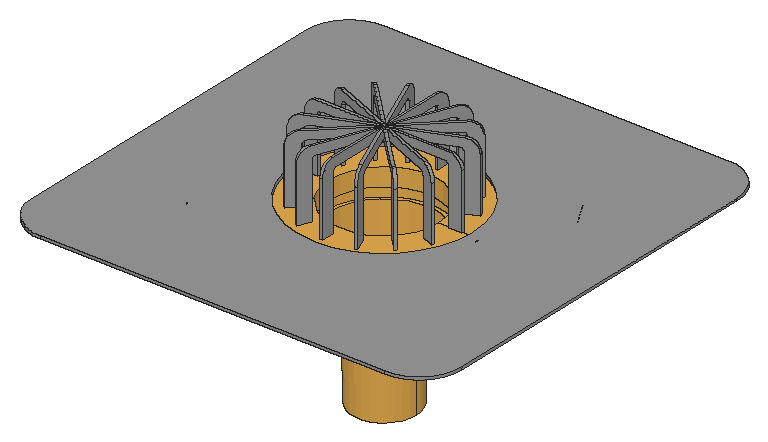
Revit family "TOPWET_Střešní vpust TW(E) 75 S", category Instalační zařizovací předměty, Revit 2016
Family settings
  Typ součásti = Normální
  Kóta kulaté spojky = Použít průměr
  Číslo OmniClass = 23.70.50.21.24
  Nadpis OmniClass = Waste Water Drains
  Založené na pracovní rovině = Ano
  Vždy vertikální = Ano
  Ořezat dutým tvarem při načtení = Ne
  Sdílené = Ne
  Bod výpočtu místnosti = Ne
Parameters (values of type "TW 75 BIT S svislé provedení, manžeta z asfaltového pásu")
  Šachta pro zelené střechy 400x400 [instance] = no
  Šachta pro zelené střechy 300x300 [instance] = no
  Šachta pro zelené střechy_výška [instance] = 500 mm
  ZUM [instance] = if(Nástavec střešní vpusti TWN, VN - 36 mm, 29.2 mm)  # 29.2 mm
  Vodní zápachová uzávěrka [instance] = no
  VZU [instance] = if(Nástavec střešní vpusti TWN, VN + 36.3 mm, 101 mm)  # 101 mm
  VZ [instance] = if(Nástavec střešní vpusti TWN, VN + 48 mm, 110 mm)  # 110 mm
  VTN [instance] = if(Nástavec střešní vpusti TWN, VN - 3 mm, 62.7 mm)  # 62.7 mm
  VS [instance] = if(Nástavec střešní vpusti TWN, VN + 47.3 mm, 113 mm)  # 113 mm
  VPK [instance] = if(Nástavec střešní vpusti TWN, VN - 57.5 mm, 8.5 mm)  # 8.5 mm
  VOK [instance] = if(Nástavec střešní vpusti TWN, VN - 18 mm, 47.7 mm)  # 47.7 mm
  Typ nástavce střešní vpusti TWN [instance] = Nástavec střešní vpusti TWN : TWN BIT
  Terasový nástavec TW TER_výška [instance] = 150 mm
  Terasový nástavec TW TER [instance] = no
  TNP [instance] = if(Nástavec střešní vpusti TWN, if(Perforovaný terasový nástavec TW TER P_Odvodňovací kroužky, VN + 40.3 mm + NOK, VN + 40.3 mm), if(Perforovaný terasový nástavec TW TER P_Odvodňovací kroužky, 107 mm + NOK, 107 mm))  # 107 mm
  TERC [instance] = and(Odvodňovací kroužek TW ODK_k nástavci TW TER P > 1, Perforovaný terasový nástavec TW TER P_Odvodňovací kroužky)  # no
  SZS [instance] = if(Nástavec střešní vpusti TWN, VN - 61.7 mm, 3 mm)  # 3 mm
  Plochý ochranný koš TW PLK [instance] = no
  Perforovaný terasový nástavec TW TER P_výška [instance] = 220 mm
  Odvodňovací kroužek TW ODK_k nástavci TW TER P [instance] = 1
  Perforovaný terasový nástavec TW TER P [instance] = no
  POK [instance] = if(Nástavec střešní vpusti TWN, VN - 65.7 mm, 0 mm)  # 0 mm
  TER [instance] = if(Odvodňovací kroužek TW ODK_k nástavci TW TER P < 2, 2, Odvodňovací kroužek TW ODK_k nástavci TW TER P)  # 2
  Perforovaný terasový nástavec TW TER P_Odvodňovací kroužky [instance] = Perforovaný terasový nástavec TW TER P  # no
  OKB [instance] = and(Odvodňovací kroužek TW ODK_k nástavci TW TER P = 1, Perforovaný terasový nástavec TW TER P_Odvodňovací kroužky)  # no
  Nástavec střešní vpusti TWN_výška [instance] = 300 mm
  Výrobce = "TOPWET"  # constant formula
  Default Elevation = 0 mm
  VN [instance] = Nástavec střešní vpusti TWN_výška + 68.7 mm  # 368.7 mm
  VK [instance] = if(Nástavec střešní vpusti TWN, VN - 61.7 mm, 0 mm)  # 0 mm
  URL = "http://www.topwet.cz/produkty/10-svisla-stresni-vpust-s-integrovanou-bitumenovou-manzetou"
  Typ obrázku = TW 75 BIT S.jpg
  T = 1
  Připojení odpadu = yes
  Perforovaný ochranný koš TWOK_počet nástavců [instance] = 3
  Popis = "Vpusť"
  Perforovaný ochranný koš TWOK [instance] = no
  PRŮTOK = 5.7 L/s  # constant formula
  Ochranný koš [instance] = and(not(Perforovaný ochranný koš TWOK), not(Terasový nástavec TW TER), not(Perforovaný terasový nástavec TW TER P), not(Plochý ochranný koš TW PLK))  # yes
  OBJEDNACÍ KÓD [instance] = if(T = 1, if(Elektrické vyhřívání_Vpusť, "TWE 75 BIT S", "TW 75 BIT S"), if(T = 2, if(Elektrické vyhřívání_Vpusť, "TWE 75 PVC S", "TW 75 PVC S"), if(T = 3, if(Elektrické vyhřívání_Vpusť, "TWE 75 ___ S", "TW 75 ___ S"), "NEDEFINOVÁNO")))  # "TW 75 BIT S"
  Nástavec střešní vpusti TWN [instance] = no
  NOK [instance] = if(Perforovaný terasový nástavec TW TER P_Odvodňovací kroužky, Odvodňovací kroužek TW ODK_k nástavci TW TER P * 33 mm, 0 mm)  # 0 mm
  Model = "viz OBJEDNACÍ KÓD"
  Mechanická zápachová uzávěrka [instance] = no
  MZK [instance] = if(Nástavec střešní vpusti TWN, VN - 26 mm, 39 mm)  # 39 mm
  Límec_Materiál = Plast - černý
  Komentáře k typům = "Střešní vpust TOPWET s integrovanou manžetou z modifikovaného asfaltového pásu, svislé provedení, tepelně izolovaná - dvojstěnná s ochranným košem"
  Klíčová poznámka = "TW 75 ___ S"
  JMENOVITÝ PRŮMĚR = 75 mm  # constant formula
  Elektrické vyhřívání_Vpusť = no
  Cena = 0
  COPYRIGHT = "©TOPWET"  # constant formula
Reference planes
  plane 1 "Střed (vpředu/vzadu)": y = 0
  plane 2 "Vkládací rovina": z = 0
  plane 3 "Střed (vlevo/vpravo)": x = 0
  plane 4 "Rovina osazení spodní hrany terasového nástavce TW TER P": z = -12
  plane 5 "Rovina osazení spodní hrany zápachové uzávěry": z = -121.954
  plane 6 "Rovina osazení spodní hrany vpusti TWN": z = -62.654
  plane 7 "Rovina osazení horní hrany mechanické zápachové klapky": z = -23.485
  plane 8: z = -210
  plane 9: z = -14.954
  plane 10 "pomocná rovina": through (4267.2, 0.017, -62.631) normal (0, 0.454, 0.891)
  plane 11: z = 0.046
  plane 12: z = -33.454
Forms (mm)
  Revolve 1, solid, material "Plast - hnědý", detail levels medium+fine
    sketch origin (0, 0, 0) x (1, 0, 0) y (0, 0, 1)
      loop
        line (-64, -21) -> (-64, 0) -> (-181, 0) -> (-181, -3) -> (-108.601, -3) -> (-90.057, -18.735)
        arc (-90.057, -18.735) -> (-84.031, -22.252) -> (-77.163, -23.485) r 20
        line (-77.163, -23.485) -> (-73.768, -119.743)
        arc (-73.768, -119.743) -> (-71.849, -125.841) -> (-67.072, -130.088) r 12
        line (-67.072, -130.088) -> (-38.293, -144.244) -> (-37.448, -210) -> (-33.462, -210) -> (-35.463, -131) -> (-61.5, -111) -> (-63.5, -33.485) -> (-68.499, -33.485) -> (-68.499, -21) -> (-64, -21)
      axis (0, -210) -> (0, 0)
    angle from 0 to 360
  Extrusion 2, solid, material "Plast - černý" <- "Límec_Materiál", detail levels medium+fine
    sketch origin (0, 0, 0) x (1, 0, 0) y (0, 1, 0)
      loop
        arc (-200, 250) -> (-235.355, 235.355) -> (-250, 200) r 50
        line (-250, 200) -> (-250, -200)
        arc (-250, -200) -> (-235.355, -235.355) -> (-200, -250) r 50
        line (-200, -250) -> (200, -250)
        arc (200, -250) -> (235.355, -235.355) -> (250, -200) r 50
        line (250, -200) -> (250, 200)
        arc (250, 200) -> (235.355, 235.355) -> (200, 250) r 50
        line (200, 250) -> (-200, 250)
      loop
        circle (0, 0) r 102.863
    from 0 to 3
  Sweep 3, solid, visible <- "Elektrické vyhřívání_Vpusť", detail levels medium+fine
    path origin (-35.053, 0, -44.762) x (-0.891007, 0, 0.45399) y (0, -1, 0)
      loop
        arc (-40.205, 73.652) -> (-137.53, 202.282) -> (-280, 126.651) r 124.374
        arc (-280, 126.651) -> (-280.843, -30.817) -> (-174.85, -147.275) r 216.685
    profile origin (87.487, -202.282, -107.199) x (0.192289, 0.976435, -0.097976) y (0.45399, 0, 0.891007)
      loop
        circle (0, 0) r 4
Lines and regions (mm)
  model lines, detail levels coarse+medium
    curve 1: line (0, 0, -100) -> (100, 0, 0)
    curve 2: line (0, 0, -100) -> (-100, 0, 0)
    curve 3: line (0, 0, -100) -> (0, 0, -210)
  symbolic lines, detail levels coarse+medium
    curve 4: line (0, 0, -97) -> (0, -100, 3)
    curve 5: line (0, 0, -97) -> (0, 100, 3)
    curve 6: line (0, 0, -97) -> (0, 0, -210)
    curve 7: circle (0, 0, 0) r 180 normal (0, 0, 1)
    curve 8: line (0, -181, 0) -> (0, 181, 0)
  symbolic lines, not visible, detail levels coarse+medium
    curve 9: circle (554.665, 348.517, 0) r 180 normal (0, 0, 1)
    curve 10: line (554.665, 167.517, 0) -> (554.665, 529.517, 0)
  model lines, not visible
    curve 11: line (0, 0, -33.5) -> (0, 0, -76)
Text (mm)
  text "Pro vkládní volitelných komponent použijte Konstrukční pohled" at (0, -25.874, 126.206), in view "Levý"
  text "Pro vkládní volitelných komponent použijte Konstrukční pohled" at (0, 24.971, 129.933), in view "Pravý"
  text "Pro vkládní volitelných komponent použijte Konstrukční pohled" at (-25.479, 0, 126.207), in view "Zadní"
  text "Rovina osazení spodní hrany zápachové uzávěry" at (115.374, 0, -123.298), in view "Konstrukční pohled"
  text "Rovina osazení spodní hrany terasového nástavce TW TER P" at (115.374, 0, -12.728), in view "Konstrukční pohled"
  text "Rovina osazení spodní hrany nástavce TWN" at (115.374, 0, -63.998), in view "Konstrukční pohled"
  text "Rovina osazení horní hrany mechanické zápachové klapky" at (115.374, 0, -24.213), in view "Konstrukční pohled"
Dimensions and locks
  "VN": nested 2 to plane 6 "Rovina osazení spodní hrany vpusti TWN"
  "VK": nested 1 to plane 2 "Vkládací rovina"
  "VPK": nested 3 to plane 7 "Rovina osazení horní hrany mechanické zápachové klapky"
  "TNP": nested 5 to plane 5 "Rovina osazení spodní hrany zápachové uzávěry"
  "POK": nested 6 to Extrusion 2
  "SZS": nested 7 to plane 2 "Vkládací rovina"
  "VZU": nested 10 to plane 5 "Rovina osazení spodní hrany zápachové uzávěry"
  "VZ": curve 3 to curve 3
  locked: curve 1 to curve 3 at 141.421
  locked: curve 3 to curve 2 at 141.421
  locked: nested 2 to curve 2 at 100
  locked: curve 1 to nested 2 at 100
  "SZS": nested 8 to plane 2 "Vkládací rovina"
  group 3 to group 4 = 0 mm  (x2)
  group 3 to group 4 = 33 mm
  "VOK": plane 9 to plane 6 "Rovina osazení spodní hrany vpusti TWN"
  locked: nested 12 to plane 9 at 33
  "VTN": plane 11 to plane 6 "Rovina osazení spodní hrany vpusti TWN"
  "ZUM": plane 12 to plane 6 "Rovina osazení spodní hrany vpusti TWN"
  "VS": curve 6 to plane 8
  locked: curve 5 to curve 6 at 141.421
  locked: curve 6 to curve 4 at 141.421
  locked: curve 5 to curve 2 at 100
  aligned and locked: level to plane 2 "Vkládací rovina"
  aligned and locked: plane 8 to curve 3
  aligned and locked: plane 9 to nested 11
  aligned and locked: plane 9 to nested 13
  aligned and locked: nested 13 to nested 13
  aligned and locked: plane 11 to nested 4
  aligned and locked: plane 12 to nested 9
Automatic sketch dimensions
  Revolve 1 sketch curve to level = 0 mm  (x2)
  Revolve 1 sketch curve to plane 7 "Rovina osazení horní hrany mechanické zápachové klapky" = 0 mm
  Revolve 1 sketch curve to plane 3 "Střed (vlevo/vpravo)" = 0 mm
  Revolve 1 sketch curve to plane 3 "Střed (vlevo/vpravo)" = 33.462 mm
  Revolve 1 sketch curve to plane 5 "Rovina osazení spodní hrany zápachové uzávěry" = 9.046 mm
  Revolve 1 sketch curve to plane 3 "Střed (vlevo/vpravo)" = 35.463 mm
  Revolve 1 sketch curve to Revolve 1 sketch curve = 3.986 mm
  Revolve 1 sketch curve to Revolve 1 sketch curve = 2.831 mm
  plane 5 "Rovina osazení spodní hrany zápachové uzávěry" to Revolve 1 sketch curve = 10.954 mm
  Revolve 1 sketch curve to Revolve 1 sketch curve = 26.037 mm
  plane 5 "Rovina osazení spodní hrany zápachové uzávěry" to Revolve 1 sketch curve = 2.633 mm
  Revolve 1 sketch curve to Revolve 1 sketch curve = 0.275 mm
  Revolve 1 sketch curve to plane 7 "Rovina osazení horní hrany mechanické zápachové klapky" = 10 mm
  Revolve 1 sketch curve to plane 3 "Střed (vlevo/vpravo)" = 63.5 mm
  Revolve 1 sketch curve to Revolve 1 sketch curve = 0.5 mm
  Revolve 1 sketch curve to plane 5 "Rovina osazení spodní hrany zápachové uzávěry" = 8.134 mm
  Revolve 1 sketch curve to Revolve 1 sketch curve = 5.297 mm
  Revolve 1 sketch curve to Revolve 1 sketch curve = 4.999 mm
  plane 5 "Rovina osazení spodní hrany zápachové uzávěry" to Revolve 1 sketch curve = 2.21 mm
  Revolve 1 sketch curve to level = 3.485 mm
  Revolve 1 sketch curve to Revolve 1 sketch curve = 13.117 mm
  Revolve 1 sketch curve to Revolve 1 sketch curve = 8.664 mm
  plane 7 "Rovina osazení horní hrany mechanické zápachové klapky" to Revolve 1 sketch curve = 4.75 mm
  Revolve 1 sketch curve to level = 3 mm
  Revolve 1 sketch curve to Revolve 1 sketch curve = 18.544 mm
  Revolve 1 sketch curve to Revolve 1 sketch curve = 72.399 mm
  Revolve 1 sketch curve to Revolve 1 sketch curve = 13.244 mm
  Revolve 1 sketch curve to Revolve 1 sketch curve = 65.756 mm
  plane 7 "Rovina osazení horní hrany mechanické zápachové klapky" to Revolve 1 sketch curve = 2.485 mm
  level to Revolve 1 sketch curve = 20 mm
  plane 1 "Střed (vpředu/vzadu)" to Extrusion 2 sketch curve = 0 mm
  Extrusion 2 sketch curve to plane 3 "Střed (vlevo/vpravo)" = 0 mm
  Extrusion 2 sketch curve to plane 3 "Střed (vlevo/vpravo)" = 200 mm  (x2)
  Extrusion 2 sketch curve to Extrusion 2 sketch curve = 50 mm  (x2)
  plane 3 "Střed (vlevo/vpravo)" to Extrusion 2 sketch curve = 200 mm  (x2)
  plane 1 "Střed (vpředu/vzadu)" to Extrusion 2 sketch curve = 200 mm
  Extrusion 2 sketch curve to plane 1 "Střed (vpředu/vzadu)" = 200 mm
  plane 1 "Střed (vpředu/vzadu)" to Sweep 3 sketch curve = 80.839 mm
  plane 1 "Střed (vpředu/vzadu)" to Sweep 3 sketch curve = 46.836 mm
  Sweep 3 sketch curve to Sweep 3 sketch curve = 85.821 mm
  Sweep 3 sketch curve to Sweep 3 sketch curve = 96.3 mm
  Sweep 3 sketch curve to Sweep 3 sketch curve = 115.629 mm
  Sweep 3 sketch curve to Sweep 3 sketch curve = 0 mm
  Sweep 3 sketch curve to Sweep 3 sketch curve = 38.345 mm
  Sweep 3 sketch curve to profile plane = 0 mm  (x2)
  curve 5 to plane 1 "Střed (vpředu/vzadu)" = 0 mm
  curve 6 to plane 8 = 0 mm
  curve 2 to plane 3 "Střed (vlevo/vpravo)" = 0 mm
  curve 11 to plane 3 "Střed (vlevo/vpravo)" = 0 mm
  curve 11 to plane 6 "Rovina osazení spodní hrany vpusti TWN" = 13.346 mm
  curve 11 to plane 12 = 0.046 mm
  radius of Extrusion 2 sketch curve = 102.863 mm
  radius of Sweep 3 sketch curve = 4 mm
Nested families
  nested 1: "Ochranný koš" at (0, 0, 0), visible <- "Ochranný koš", type "Ochranný koš", detail levels medium+fine
  nested 2: "Nástavec střešní vpusti TWN" at (0, 0, 303.046), Výška <- "Nástavec střešní vpusti TWN_výška", Použít měřítko poznámky <- "Nástavec střešní vpusti TWN", visible <- "Nástavec střešní vpusti TWN", type <- "Typ nástavce střešní vpusti TWN", type "TWN BIT"
    with Výška 300 mm, Viditelnost yes, V 362.7 mm, Použít měřítko poznámky 0, OBJEDNACÍ KÓD "TWN v300 BIT", K 300 mm, D -362.7 mm
  nested 3: "Perforovaný ochranný koš TWOK" at (0, 0, 99.015), visible <- "Perforovaný ochranný koš TWOK", Počet nástavců <- "Perforovaný ochranný koš TWOK_počet nástavců", type "Perforovaný ochranný koš TWOK"
    with Výška 99 mm, VPK yes, VOK yes, Počet nástavců 3, PKK 99 mm, PK 3, P 2, OK 15 mm, OBJEDNACÍ KÓD "TWOK v100", Kontrola yes, K1 no
  nested 4: "Terasový nástavec TW TER" at (0, 0, 135.046), Výška <- "Terasový nástavec TW TER_výška", visible <- "Terasový nástavec TW TER", type "Terasový nástavec TW TER"
    with Výška 150 mm, VK yes, PK 10, OBJEDNACÍ KÓD "TW TER", MD1 -117 mm, Kontrola yes, KO -8 mm, E 97.5 mm, D 117 mm
  nested 5: "Perforovaný terasový nástavec TW TER P" at (0, 0, 205.046), visible <- "Perforovaný terasový nástavec TW TER P", Výška <- "Perforovaný terasový nástavec TW TER P_výška", type "Perforovaný terasový nástavec TW TER P"
    with Výška 220 mm, VN3 yes, VN2 yes, VN1 yes, VK yes, PK 10, OBJEDNACÍ KÓD "TW TER P", MD1 -121 mm, Kontrola yes, KO -8 mm, E 101.5 mm, D 121 mm
  nested 6: "Plochý ochranný koš TW PLK" at (0, 0, 0), visible <- "Plochý ochranný koš TW PLK", type "Plochý ochranný koš TW PLK", detail levels fine
    with OBJEDNACÍ KÓD "TW PLK"
  nested 7: "Šachta pro zelené střechy" at (0, 0, 503), Výška <- "Šachta pro zelené střechy_výška", visible <- "Šachta pro zelené střechy 300x300", type "TWZ 300x300"
    with Výška 500 mm, SN 36 mm, S1 0 mm, Počet lamel 5, PP 4, ON -436 mm, OBJEDNACÍ KÓD "TWZ 300x300x530", LAP yes, LAN yes, LA1 no, Kontrola yes, KO -43 mm, H 530 mm
  nested 8: "Šachta pro zelené střechy" at (0, 0, 503), Výška <- "Šachta pro zelené střechy_výška", visible <- "Šachta pro zelené střechy 400x400", type "TWZ 400x400"
    with Výška 500 mm, SN 36 mm, S1 0 mm, Počet lamel 5, PP 4, ON -436 mm, OBJEDNACÍ KÓD "TWZ 400x400x530", LAP yes, LAN yes, LA1 no, Kontrola yes, KO -43 mm, H 530 mm
  nested 9: "Mechanická zápachová klapka" at (0, 0, -24.154), visible <- "Mechanická zápachová uzávěrka", type "Mechanická zápachová klapka", detail levels fine
    with OBJEDNACÍ KÓD "TWZU KL"
  nested 10: "Vodní zápachová uzávěra" at (0, 0, -20.954), visible <- "Vodní zápachová uzávěrka", type "Vodní zápachová uzávěra", detail levels fine
    with OBJEDNACÍ KÓD "TWZU"
  nested 11: "Odvodňovací kroužek pro ochranný koš TW ODK" at (0, 0, 18.046), visible <- "TERC", type "Odvodňovací kroužek pro ochranný koš TW ODK"
    with Seříznutí 0 mm, OBJEDNACÍ KÓD "TW ODK"
  nested 12: "Odvodňovací kroužek pro ochranný koš TW ODK" at (0, 0, 51.046), visible <- "TERC", type "Odvodňovací kroužek pro ochranný koš TW ODK"
    with Seříznutí 0 mm, OBJEDNACÍ KÓD "TW ODK"
  nested 13: "Odvodňovací kroužek pro ochranný koš TW ODK" at (0, 0, 18.046), visible <- "OKB", type "Odvodňovací kroužek pro ochranný koš TW ODK"
    with Seříznutí 0 mm, OBJEDNACÍ KÓD "TW ODK"
Connectors
  piping at (0, 0, -210), diameter 75, driven by "PRŮTOK", driven by "JMENOVITÝ PRŮMĚR"
    settings: on Revolve 1, index 1, connector inside diameter 609.6 mm, connector length 0 mm, flow factor 0, pipe flow 5.7 L/s, pressure drop 0.0 Pa, fitting loss kfactor 0, connector angle 0.00°, fixture units 0, engagement length 0 mm, angle of deflection 0.00°, flow configuration 1, flow direction 2, fitting loss method 0, system type 16, joint type 0, gender type 0, connector reference index -1, connector utility 0, adjustable connector yes, is connector primary yes, connector description "Do dešťové kanalizace"
Definition of nested family "Ochranný koš"
  Parameters (values of type "Ochranný koš")
    Manufacturer = "TOPWET"  # constant formula
    URL = ""
    Description = "Příslušenství vpusti - není volitelné příslušenství"
    Model = "Model"
    Type Comments = "Komentáře k typům"
    Cost = 0
    Copyright = "©TOPWET"  # constant formula
  Reference planes
    plane 1 "Střed (vpředu/vzadu)": y = 0
    plane 2: z = 0
    plane 3 "Střed (vlevo/vpravo)": x = 0
  Forms (mm)
    Extrusion 1, solid, detail levels fine
      sketch origin (0, 0, 0) x (1, 0, 0) y (0, 0, 1)
        loop
          line (76.5, 79) -> (-76.5, 79)
          arc (-76.5, 79) -> (-87.107, 74.607) -> (-91.5, 64) r 15
          line (-91.5, 64) -> (-91.5, 0) -> (-76.5, 0) -> (-76.5, 64)
          arc (-76.5, 64) -> (-75.036, 67.536) -> (-71.5, 69) r 5
          line (-71.5, 69) -> (71.5, 69)
          arc (71.5, 69) -> (75.036, 67.536) -> (76.5, 64) r 5
          line (76.5, 64) -> (76.5, 0) -> (91.5, 0) -> (91.5, 64)
          arc (91.5, 64) -> (87.107, 74.607) -> (76.5, 79) r 15
      from -1.5 to 1.5
    Extrusion 2, solid, detail levels fine
      sketch origin (0, 0, 0) x (0, 1, 0) y (0, 0, 1)
        loop
          line (76.5, 79) -> (-76.5, 79)
          arc (-76.5, 79) -> (-87.107, 74.607) -> (-91.5, 64) r 15
          line (-91.5, 64) -> (-91.5, 0) -> (-76.5, 0) -> (-76.5, 64)
          arc (-76.5, 64) -> (-75.036, 67.536) -> (-71.5, 69) r 5
          line (-71.5, 69) -> (71.5, 69)
          arc (71.5, 69) -> (75.036, 67.536) -> (76.5, 64) r 5
          line (76.5, 64) -> (76.5, 0) -> (91.5, 0) -> (91.5, 64)
          arc (91.5, 64) -> (87.107, 74.607) -> (76.5, 79) r 15
      from -1.5 to 1.5
    Extrusion 3, solid, detail levels fine
      sketch origin (0, 0, 0) x (0.382683, 0.92388, 0) y (0, 0, 1)
        loop
          line (76.5, 79) -> (-76.5, 79)
          arc (-76.5, 79) -> (-87.107, 74.607) -> (-91.5, 64) r 15
          line (-91.5, 64) -> (-91.5, 0) -> (-76.5, 0) -> (-76.5, 64)
          arc (-76.5, 64) -> (-75.036, 67.536) -> (-71.5, 69) r 5
          line (-71.5, 69) -> (71.5, 69)
          arc (71.5, 69) -> (75.036, 67.536) -> (76.5, 64) r 5
          line (76.5, 64) -> (76.5, 0) -> (91.5, 0) -> (91.5, 64)
          arc (91.5, 64) -> (87.107, 74.607) -> (76.5, 79) r 15
      from -1.5 to 1.5
    Extrusion 4, solid, detail levels fine
      sketch origin (0, 0, 0) x (0.707107, 0.707107, 0) y (0, 0, 1)
        loop
          line (76.5, 79) -> (-76.5, 79)
          arc (-76.5, 79) -> (-87.107, 74.607) -> (-91.5, 64) r 15
          line (-91.5, 64) -> (-91.5, 0) -> (-76.5, 0) -> (-76.5, 64)
          arc (-76.5, 64) -> (-75.036, 67.536) -> (-71.5, 69) r 5
          line (-71.5, 69) -> (71.5, 69)
          arc (71.5, 69) -> (75.036, 67.536) -> (76.5, 64) r 5
          line (76.5, 64) -> (76.5, 0) -> (91.5, 0) -> (91.5, 64)
          arc (91.5, 64) -> (87.107, 74.607) -> (76.5, 79) r 15
      from -1.5 to 1.5
    Extrusion 5, solid, detail levels fine
      sketch origin (0, 0, 0) x (0.92388, 0.382683, 0) y (0, 0, 1)
        loop
          line (76.5, 79) -> (-76.5, 79)
          arc (-76.5, 79) -> (-87.107, 74.607) -> (-91.5, 64) r 15
          line (-91.5, 64) -> (-91.5, 0) -> (-76.5, 0) -> (-76.5, 64)
          arc (-76.5, 64) -> (-75.036, 67.536) -> (-71.5, 69) r 5
          line (-71.5, 69) -> (71.5, 69)
          arc (71.5, 69) -> (75.036, 67.536) -> (76.5, 64) r 5
          line (76.5, 64) -> (76.5, 0) -> (91.5, 0) -> (91.5, 64)
          arc (91.5, 64) -> (87.107, 74.607) -> (76.5, 79) r 15
      from -1.5 to 1.5
    Extrusion 6, solid, detail levels fine
      sketch origin (0, 0, 0) x (-0.382683, 0.92388, 0) y (0, 0, -1)
        loop
          arc (76.5, -79) -> (87.107, -74.607) -> (91.5, -64) r 15
          line (91.5, -64) -> (91.5, 0) -> (76.5, 0) -> (76.5, -64)
          arc (76.5, -64) -> (75.036, -67.536) -> (71.5, -69) r 5
          line (71.5, -69) -> (-71.5, -69)
          arc (-71.5, -69) -> (-75.036, -67.536) -> (-76.5, -64) r 5
          line (-76.5, -64) -> (-76.5, 0) -> (-91.5, 0) -> (-91.5, -64)
          arc (-91.5, -64) -> (-87.107, -74.607) -> (-76.5, -79) r 15
          line (-76.5, -79) -> (76.5, -79)
      from -1.5 to 1.5
    Extrusion 7, solid, detail levels fine
      sketch origin (0, 0, 0) x (-0.707107, 0.707107, 0) y (0, 0, -1)
        loop
          arc (76.5, -79) -> (87.107, -74.607) -> (91.5, -64) r 15
          line (91.5, -64) -> (91.5, 0) -> (76.5, 0) -> (76.5, -64)
          arc (76.5, -64) -> (75.036, -67.536) -> (71.5, -69) r 5
          line (71.5, -69) -> (-71.5, -69)
          arc (-71.5, -69) -> (-75.036, -67.536) -> (-76.5, -64) r 5
          line (-76.5, -64) -> (-76.5, 0) -> (-91.5, 0) -> (-91.5, -64)
          arc (-91.5, -64) -> (-87.107, -74.607) -> (-76.5, -79) r 15
          line (-76.5, -79) -> (76.5, -79)
      from -1.5 to 1.5
    Extrusion 8, solid, detail levels fine
      sketch origin (0, 0, 0) x (-0.92388, 0.382683, 0) y (0, 0, -1)
        loop
          arc (76.5, -79) -> (87.107, -74.607) -> (91.5, -64) r 15
          line (91.5, -64) -> (91.5, 0) -> (76.5, 0) -> (76.5, -64)
          arc (76.5, -64) -> (75.036, -67.536) -> (71.5, -69) r 5
          line (71.5, -69) -> (-71.5, -69)
          arc (-71.5, -69) -> (-75.036, -67.536) -> (-76.5, -64) r 5
          line (-76.5, -64) -> (-76.5, 0) -> (-91.5, 0) -> (-91.5, -64)
          arc (-91.5, -64) -> (-87.107, -74.607) -> (-76.5, -79) r 15
          line (-76.5, -79) -> (76.5, -79)
      from -1.5 to 1.5
  Dimensions and locks
    aligned and locked: level to plane 2
Definition of nested family "Nástavec střešní vpusti TWN"
  Parameters (values of type "TWNE___ vyhřívaný")
    Výška_Minimální = if(Elektrické vyhřívání, 90 mm, 40 mm)  # 90 mm
    Výška_Maximální = 500 mm  # constant formula
    Výška [instance] = 500 mm
    Manufacturer = "TOPWET"  # constant formula
    Viditelnost [instance] = yes
    V [instance] = Výška + 62.7 mm  # 562.7 mm
    URL = "http://www.topwet.cz/produkty/148-nastavec-stresni-vpusti-s-integrovanou-manzetou-na-zakazku"
    Type Image = element 949779
    Použít měřítko poznámky [instance] = 0
    Description = "Příslušenství vpusti"
    OBJEDNACÍ KÓD [instance] = size_lookup("TWN", "", "NEDEFINOVÁNO", M + K + 1000 mm + if(Elektrické vyhřívání, 10000 mm, 0 mm))  # "TWNE v500 ___"
    Model = "viz OBJEDNACÍ KÓD"
    M = 3 mm
    Límec = none
    Type Comments = "Vyhřívaný nástavec TOPWET s integrovanou manžetou na zakázku pro svislé a vodorovné provedení střešních vpustí TOPWET DN 70, 100 a 125 s těsnícím kroužkem, bez ochranného koše."
    Keynote = ""
    K [instance] = if(Výška > 300 mm, 500 mm, if(Výška > 220 mm, 300 mm, 220 mm))  # 500 mm
    Elektrické vyhřívání = yes
    D [instance] = if(or(Výška < Výška_Minimální, Výška > Výška_Maximální), -Výška_Maximální - 72.7 mm, -V)  # -562.7 mm
    Cost = 0
    COPYRIGHT = "©TOPWET"  # constant formula
  Types (6, lengths in mm): name | Výška_Minimální | URL | Type Image | OBJEDNACÍ KÓD | M | Type Comments | Elektrické vyhřívání
    TWN BIT | 40 | "http://www.topwet.cz/produkty/146-nastavec-stresni-vpusti-s-integrovanou-bitumenovou-manzetou" | element 949775 | "TWN v500 BIT" | 1 | "Nástavec TOPWET s integrovanou manžetou z modifikovaného asfaltového pásu pro svislé a vodorovné provedení střešních vpustí TOPWET DN 70, 100 a 125 s těsnicím kroužkem, bez ochranného koše." | no
    TWN PVC | 40 | "http://www.topwet.cz/produkty/147-nastavec-stresni-vpusti-s-integrovanou-pvc-manzetou" | element 949771 | "TWN v500 PVC" | 2 | "Nástavec TOPWET s integrovanou manžetou z hydroizolační fólie na bázi PVC pro svislé a vodorovné provedení střešních vpustí TOPWET DN 70, 100 a 125 s těsnícím kroužkem, bez ochranného koše." | no
    TWN___ | 40 | "http://www.topwet.cz/produkty/148-nastavec-stresni-vpusti-s-integrovanou-manzetou-na-zakazku" | element 949773 | "TWN v500 ___" | 3 | "Nástavec TOPWET s integrovanou manžetou na zakázku pro svislé a vodorovné provedení střešních vpustí TOPWET DN 70, 100 a 125 s těsnícím kroužkem, bez ochranného koše." | no
    TWNE___ vyhřívaný | 90 | "http://www.topwet.cz/produkty/148-nastavec-stresni-vpusti-s-integrovanou-manzetou-na-zakazku" | element 949779 | "TWNE v500 ___" | 3 | "Vyhřívaný nástavec TOPWET s integrovanou manžetou na zakázku pro svislé a vodorovné provedení střešních vpustí TOPWET DN 70, 100 a 125 s těsnícím kroužkem, bez ochranného koše." | yes
    TWNE BIT vyhřívaný | 90 | "http://www.topwet.cz/produkty/146-nastavec-stresni-vpusti-s-integrovanou-bitumenovou-manzetou" | element 949777 | "TWNE v500 BIT" | 1 | "Vyhřívaný nástavec TOPWET s integrovanou manžetou z modifikovaného asfaltového pásu pro svislé a vodorovné provedení střešních vpustí TOPWET DN 70, 100 a 125 s těsnicím kroužkem, bez ochranného koše." | yes
    TWNE PVC vyhřívaný | 90 | "http://www.topwet.cz/produkty/147-nastavec-stresni-vpusti-s-integrovanou-pvc-manzetou" | element 949779 | "TWNE v500 PVC" | 2 | "Vyhřívaný nástavec TOPWET s integrovanou manžetou z hydroizolační fólie na bázi PVC pro svislé a vodorovné provedení střešních vpustí TOPWET DN 70, 100 a 125 s těsnícím kroužkem, bez ochranného koše." | yes
  Reference planes
    plane 1 "Střed (vpředu/vzadu)": y = 0
    plane 2: z = 0
    plane 3 "Střed (vlevo/vpravo)": x = 0
    plane 4 "Maximum": z = -562.7
    plane 5 "Minimum": z = -40
    plane 6: z = -562.7
  Forms (mm)
    Extrusion 1, solid, material <- "Límec", visible <- "Viditelnost", detail levels medium+fine
      sketch origin (0, 0, 0) x (1, 0, 0) y (0, 1, 0)
        loop
          line (-200, -250) -> (200, -250)
          arc (200, -250) -> (235.355, -235.355) -> (250, -200) r 50
          line (250, -200) -> (250, 200)
          arc (250, 200) -> (235.355, 235.355) -> (200, 250) r 50
          line (200, 250) -> (-200, 250)
          arc (-200, 250) -> (-235.355, 235.355) -> (-250, 200) r 50
          line (-250, 200) -> (-250, -200)
          arc (-250, -200) -> (-235.355, -235.355) -> (-200, -250) r 50
        loop
          circle (0, 0) r 106.5
      from 0 to 3
    Revolve 2, solid, visible <- "Viditelnost", detail levels medium+fine
      sketch origin (0, 0, 0) x (1, 0, 0) y (0, 0, 1)
        loop
          line (62.5, -562.7) -> (62.5, -35.5) -> (71.5, -35.5) -> (109.5, -3) -> (146.5, -3) -> (146.5, 0) -> (64.5, 0) -> (64.5, -21) -> (68.5, -21) -> (68.5, -33) -> (56.5, -33) -> (56.5, -81) -> (59.5, -81) -> (59.5, -562.7) -> (62.5, -562.7)
        axis (0, 0) -> (0, -562.7)
      angle from 0 to 360
    Extrusion 3, void, detail levels fine
      sketch origin (0, 0, 0) x (1, 0, 0) y (0, 1, 0)
        loop
          circle (0, 0) r 200
      from -572.7 to -562.7 <- "D"
    Sweep 4, solid, visible <- "Elektrické vyhřívání", detail levels medium+fine
      path origin (-38.319, 11.345, -40.792) x (-0.882948, 0, 0.469472) y (0, -1, 0)
        loop
          arc (-40.205, 73.652) -> (-137.53, 202.282) -> (-280, 126.651) r 124.374
          arc (-280, 126.651) -> (-280.843, -30.817) -> (-174.85, -147.275) r 216.685
      profile origin (83.113, -190.937, -105.358) x (0.19055, 0.976435, -0.101317) y (0.469472, 0, 0.882948)
        loop
          circle (0, 0) r 4
    Revolve 5, solid, visible <- "Elektrické vyhřívání", detail levels medium+fine
      sketch origin (0, 0, 0) x (1, 0, 0) y (0, 0, 1)
        loop
          line (62.5, -100) -> (71.5, -100) -> (71.5, -35.5) -> (62.5, -35.5) -> (62.5, -100)
        axis (0, -35.5) -> (0, -100)
      angle from 0 to 360
  Cuts and joins
    Extrusion 3 cuts Revolve 2
  Dimensions and locks
    "V": plane 2 to plane 6
    aligned and locked: level to plane 2
    aligned and locked: plane 4 "Maximum" to Revolve 2 sketch curve
  Automatic sketch dimensions
    Extrusion 1 sketch curve to plane 3 "Střed (vlevo/vpravo)" = 200 mm  (x2)
    Extrusion 1 sketch curve to Extrusion 1 sketch curve = 50 mm  (x2)
    plane 3 "Střed (vlevo/vpravo)" to Extrusion 1 sketch curve = 200 mm  (x2)
    plane 1 "Střed (vpředu/vzadu)" to Extrusion 1 sketch curve = 200 mm
    Extrusion 1 sketch curve to plane 1 "Střed (vpředu/vzadu)" = 200 mm
    plane 1 "Střed (vpředu/vzadu)" to Extrusion 3 sketch curve = 0 mm
    Extrusion 3 sketch curve to plane 3 "Střed (vlevo/vpravo)" = 0 mm
    Extrusion 1 sketch curve to plane 3 "Střed (vlevo/vpravo)" = 106.5 mm
    Extrusion 1 sketch curve to Extrusion 1 sketch curve = 0 mm  (x2)
    plane 1 "Střed (vpředu/vzadu)" to Extrusion 1 sketch curve = 0 mm
    Extrusion 1 sketch curve to plane 3 "Střed (vlevo/vpravo)" = 0 mm
    Revolve 2 sketch curve to plane 3 "Střed (vlevo/vpravo)" = 0 mm
    Revolve 2 sketch curve to level = 0 mm
    plane 3 "Střed (vlevo/vpravo)" to Revolve 2 sketch curve = 56.5 mm
    Revolve 2 sketch curve to Revolve 2 sketch curve = 3 mm  (x3)
    Revolve 2 sketch curve to Revolve 2 sketch curve = 8 mm
    Revolve 2 sketch curve to Revolve 2 sketch curve = 6 mm
    Revolve 2 sketch curve to level = 3 mm
    Revolve 2 sketch curve to Revolve 2 sketch curve = 41 mm
    Revolve 2 sketch curve to Revolve 2 sketch curve = 37 mm
    plane 5 "Minimum" to Revolve 2 sketch curve = 41 mm
    Revolve 2 sketch curve to plane 5 "Minimum" = 4.5 mm
    Revolve 2 sketch curve to Revolve 2 sketch curve = 12 mm
    level to Revolve 2 sketch curve = 25 mm
    Revolve 2 sketch curve to Revolve 2 sketch curve = 65 mm
    Revolve 2 sketch curve to Revolve 2 sketch curve = 2.5 mm
    Revolve 5 sketch curve to plane 3 "Střed (vlevo/vpravo)" = 0 mm
    plane 3 "Střed (vlevo/vpravo)" to Revolve 5 sketch curve = 62.5 mm
    plane 5 "Minimum" to Revolve 5 sketch curve = 60 mm
    Revolve 5 sketch curve to plane 5 "Minimum" = 4.5 mm
    Revolve 5 sketch curve to Revolve 5 sketch curve = 20.5 mm
    level to Revolve 5 sketch curve = 14.5 mm
    Revolve 5 sketch curve to Revolve 5 sketch curve = 9 mm
    plane 1 "Střed (vpředu/vzadu)" to Sweep 4 sketch curve = 69.494 mm
    plane 1 "Střed (vpředu/vzadu)" to Sweep 4 sketch curve = 35.491 mm
    Sweep 4 sketch curve to Sweep 4 sketch curve = 85.821 mm
    Sweep 4 sketch curve to Sweep 4 sketch curve = 96.3 mm
    plane 1 "Střed (vpředu/vzadu)" to Sweep 4 sketch curve = 115.306 mm
    Sweep 4 sketch curve to Sweep 4 sketch curve = 0 mm
    Sweep 4 sketch curve to Sweep 4 sketch curve = 38.345 mm
    Sweep 4 sketch curve to profile plane = 0 mm  (x2)
    radius of Extrusion 3 sketch curve = 200 mm
    radius of Sweep 4 sketch curve = 4 mm
Definition of nested family "Perforovaný ochranný koš TWOK"
  Parameters (values of type "Perforovaný ochranný koš TWOK")
    Výška_Minimální = 33 mm  # constant formula
    Výška_Maximální = 990 mm  # constant formula
    Výška [instance] = Počet nástavců * 33 mm  # 99 mm
    Manufacturer = "TOPWET"  # constant formula
    VPK [instance] = PK > 1  # yes
    URL = "http://www.topwet.cz/produkty/267-perforovany-ochranny-kos"
    Type Image = element 944590
    Počet nástavců [instance] = 3
    Description = "Příslušenství vpusti"
    PKK [instance] = PK * 33 mm  # 99 mm
    PK [instance] = if(Kontrola, Výška / 33 mm, 0)  # 3
    P [instance] = if(PK - 1 < 2, 2, PK - 1)  # 2
    VOK [instance] = OK > 0 mm  # yes
    OBJEDNACÍ KÓD [instance] = if(PK = 1, "TWOK v33", if(PK = 2, "TWOK v67", if(PK = 3, "TWOK v100", if(PK = 4, "TWOK v133", if(PK = 5, "TWOK v167", if(PK = 6, "TWOK v200", if(PK = 7, "TWOK v233", if(PK = 8, "TWOK v267", if(PK = 9, "TWOK v300", if(PK = 10, "TWOK v333", if(PK = 11, "TWOK v367", if(PK = 12, "TWOK v400", if(PK = 13, "TWOK v433", if(PK = 14, "TWOK v467", if(PK = 15, "TWOK v500", if(PK = 16, "TWOK v533", if(PK = 17, "TWOK v567", if(PK = 16, "TWOK v600", if(PK = 19, "TWOK v633", if(PK = 20, "TWOK v667", if(PK = 21, "TWOK v700", if(PK = 22, "TWOK v733", if(PK = 23, "TWOK v767", if(PK = 24, "TWOK v800", if(PK = 25, "TWOK v833", if(PK = 26, "TWOK v867", if(PK = 27, "TWOK v900", if(PK = 28, "TWOK v933", if(PK = 29, "TWOK v967", "TWOK v1000")))))))))))))))))))))))))))))  # "TWOK v100"
    Model = "viz OBJEDNACÍ KÓD"
    Kontrola [instance] = not(or(Výška > Výška_Maximální, Výška < Výška_Minimální))  # yes
    Type Comments = "Perforovaný ochranný koš TOPWET pro střechy \ns kačírkem nebo s jiným přitěžujícím souvrstvím. Koš lze \nprodloužit odvodňovacím kroužkem TW ODK vždy o 33 mm. \nProvedení ze silnostěnného polyamidu PA6 UV Stabil."
    Keynote = ""
    K1 [instance] = and(PK = 1, not(VOK))  # no
    Cost = 0
    OK [instance] = 48 mm - (Výška - ((PK - 1) * 33 mm))  # 15 mm
    COPYRIGHT = "©TOPWET"  # constant formula
  Reference planes
    plane 1 "Střed (vpředu/vzadu)": y = 0
    plane 2: z = 0
    plane 3 "Střed (vlevo/vpravo)": x = 0
    plane 4 "Výška": z = -99
    plane 5: z = -114
  Forms (mm)
    Revolve 1, solid, detail levels medium+fine
      sketch origin (0, 0, 0) x (1, 0, 0) y (0, 0, 1)
        loop
          line (0, 0) -> (60, 0) -> (60, -15) -> (64.5, -15) -> (64.5, 0) -> (68, 0) -> (68, 2.899)
          arc (68, 2.899) -> (67.639, 4.326) -> (66.643, 5.41) r 3
          arc (66.643, 5.41) -> (58.557, 8.832) -> (49.854, 10) r 32.995
          line (49.854, 10) -> (0, 10) -> (0, 0)
        axis (0, -15) -> (0, 10)
      angle from 0 to 360
    Extrusion 2, void
      sketch origin (-139.84, -1524, -99) x (0, -1, 0) y (-1, 0, 0)
        loop
          line (-1588.422, -116.805) -> (-1534.394, -134.36)
          arc (-1534.394, -134.36) -> (-1533.506, -132.934) -> (-1532.424, -131.649) r 11.75
          line (-1532.424, -131.649) -> (-1565.893, -85.582)
          arc (-1565.893, -85.582) -> (-1579.414, -99.566) -> (-1588.422, -116.805) r 68
        loop
          line (-1589.262, -158.942) -> (-1535.63, -141.516)
          arc (-1535.63, -141.516) -> (-1535.75, -139.84) -> (-1535.63, -138.164) r 11.75
          line (-1535.63, -138.164) -> (-1589.262, -120.738)
          arc (-1589.262, -120.738) -> (-1592, -139.84) -> (-1589.262, -158.942) r 68
        loop
          line (-1565.57, -193.654) -> (-1532.424, -148.032)
          arc (-1532.424, -148.032) -> (-1533.506, -146.747) -> (-1534.394, -145.32) r 11.75
          line (-1534.394, -145.32) -> (-1588.026, -162.746)
          arc (-1588.026, -162.746) -> (-1579.013, -179.81) -> (-1565.57, -193.654) r 68
        loop
          line (-1526, -207.811) -> (-1526, -151.419)
          arc (-1526, -151.419) -> (-1527.631, -151.015) -> (-1529.188, -150.383) r 11.75
          line (-1529.188, -150.383) -> (-1562.334, -196.005)
          arc (-1562.334, -196.005) -> (-1545.013, -204.512) -> (-1526, -207.811) r 68
        loop
          arc (-1518.812, -150.383) -> (-1520.369, -151.015) -> (-1522, -151.419) r 11.75
          line (-1522, -151.419) -> (-1522, -207.811)
          arc (-1522, -207.811) -> (-1502.987, -204.512) -> (-1485.666, -196.005) r 68
          line (-1485.666, -196.005) -> (-1518.812, -150.383)
        loop
          line (-1459.974, -162.746) -> (-1513.606, -145.32)
          arc (-1513.606, -145.32) -> (-1514.494, -146.747) -> (-1515.576, -148.032) r 11.75
          line (-1515.576, -148.032) -> (-1482.43, -193.654)
          arc (-1482.43, -193.654) -> (-1468.987, -179.81) -> (-1459.974, -162.746) r 68
        loop
          line (-1458.738, -120.738) -> (-1512.37, -138.164)
          arc (-1512.37, -138.164) -> (-1512.25, -139.84) -> (-1512.37, -141.516) r 11.75
          line (-1512.37, -141.516) -> (-1458.738, -158.942)
          arc (-1458.738, -158.942) -> (-1456, -139.84) -> (-1458.738, -120.738) r 68
        loop
          line (-1482.43, -86.026) -> (-1515.576, -131.649)
          arc (-1515.576, -131.649) -> (-1514.494, -132.934) -> (-1513.606, -134.36) r 11.75
          line (-1513.606, -134.36) -> (-1459.974, -116.934)
          arc (-1459.974, -116.934) -> (-1468.987, -99.871) -> (-1482.43, -86.026) r 68
        loop
          line (-1518.812, -129.297) -> (-1485.666, -83.675)
          arc (-1485.666, -83.675) -> (-1502.987, -75.168) -> (-1522, -71.87) r 68
          line (-1522, -71.87) -> (-1522, -128.262)
          arc (-1522, -128.262) -> (-1520.369, -128.665) -> (-1518.812, -129.297) r 11.75
        loop
          line (-1562.334, -83.675) -> (-1529.188, -129.297)
          arc (-1529.188, -129.297) -> (-1527.631, -128.665) -> (-1526, -128.262) r 11.75
          line (-1526, -128.262) -> (-1526, -71.87)
          arc (-1526, -71.87) -> (-1545.013, -75.168) -> (-1562.334, -83.675) r 68
      from -370.902 to -33
  Cuts and joins
    Extrusion 2 cuts Revolve 1
  Lines and regions (mm)
    symbolic lines, detail levels fine
      curve 1: line (-19.102, 65.262, 0) -> (-8.664, 33.136, 0)
      curve 2: line (-2, 34.192, 0) -> (-2, 67.971, 0)
      curve 3: line (-22.906, 64.026, 0) -> (-12.468, 31.9, 0)
      curve 4: line (-18.479, 28.837, 0) -> (-38.334, 56.165, 0)
      curve 5: line (-21.715, 26.486, 0) -> (-41.57, 53.814, 0)
      curve 6: line (-53.814, 41.57, 0) -> (-26.486, 21.715, 0)
      curve 7: line (-56.165, 38.334, 0) -> (-28.837, 18.479, 0)
      curve 8: line (-31.9, 12.468, 0) -> (-64.026, 22.906, 0)
      curve 9: line (-33.136, 8.664, 0) -> (-65.262, 19.102, 0)
      curve 10: line (-67.971, 2, 0) -> (-34.192, 2, 0)
      curve 11: line (-11.694, 29.518, 0) -> (-5.48, 10.394, 0)
      curve 12: line (-24.46, 20.243, 0) -> (-8.192, 8.424, 0)
      curve 13: line (-26.811, 17.007, 0) -> (-10.543, 5.188, 0)
      curve 14: line (-31.687, 2, 0) -> (-11.579, 2, 0)
      curve 15: line (-7.89, 30.754, 0) -> (-1.676, 11.63, 0)
      curve 16: line (7.89, 30.754, 0) -> (1.676, 11.63, 0)
      curve 17: arc (-10.543, 5.188, 0) -> (-11.175, 3.631, 0) -> (-11.579, 2, 0) r 11.75
      curve 18: arc (-11.694, 29.518, 0) -> (-18.662, 25.686, 0) -> (-24.46, 20.243, 0) r 31.75
      curve 19: arc (-12.468, 31.9, 0) -> (-15.549, 30.517, 0) -> (-18.479, 28.837, 0) r 34.25
      curve 20: arc (-21.715, 26.486, 0) -> (-24.218, 24.218, 0) -> (-26.486, 21.715, 0) r 34.25
      curve 21: arc (-28.837, 18.479, 0) -> (-30.517, 15.549, 0) -> (-31.9, 12.468, 0) r 34.25
      curve 22: arc (-33.136, 8.664, 0) -> (-33.828, 5.358, 0) -> (-34.192, 2, 0) r 34.25
      curve 23: arc (-26.811, 17.007, 0) -> (-30.196, 9.811, 0) -> (-31.687, 2, 0) r 31.75
      curve 24: arc (7.89, 30.754, 0) -> (0, 31.75, 0) -> (-7.89, 30.754, 0) r 31.75
      curve 25: arc (-2, 34.192, 0) -> (-5.358, 33.828, 0) -> (-8.664, 33.136, 0) r 34.25
      curve 26: arc (-5.48, 10.394, 0) -> (-6.906, 9.506, 0) -> (-8.192, 8.424, 0) r 11.75
      curve 27: arc (1.676, 11.63, 0) -> (0, 11.75, 0) -> (-1.676, 11.63, 0) r 11.75
      curve 28: line (19.102, 65.262, 0) -> (8.664, 33.136, 0)
      curve 29: line (2, 34.192, 0) -> (2, 67.971, 0)
      curve 30: line (22.906, 64.026, 0) -> (12.468, 31.9, 0)
      curve 31: line (18.479, 28.837, 0) -> (38.334, 56.165, 0)
      curve 32: line (21.715, 26.486, 0) -> (41.57, 53.814, 0)
      curve 33: line (53.814, 41.57, 0) -> (26.486, 21.715, 0)
      curve 34: line (56.165, 38.334, 0) -> (28.837, 18.479, 0)
      curve 35: line (31.9, 12.468, 0) -> (64.026, 22.906, 0)
      curve 36: line (33.136, 8.664, 0) -> (65.262, 19.102, 0)
      curve 37: line (67.971, 2, 0) -> (34.192, 2, 0)
      curve 38: line (11.694, 29.518, 0) -> (5.48, 10.394, 0)
      curve 39: line (24.46, 20.243, 0) -> (8.192, 8.424, 0)
      curve 40: line (26.811, 17.007, 0) -> (10.543, 5.188, 0)
      curve 41: line (31.687, 2, 0) -> (11.579, 2, 0)
      curve 42: arc (10.543, 5.188, 0) -> (11.175, 3.631, 0) -> (11.579, 2, 0) r 11.75
      curve 43: arc (11.694, 29.518, 0) -> (18.662, 25.686, 0) -> (24.46, 20.243, 0) r 31.75
      curve 44: arc (12.468, 31.9, 0) -> (15.549, 30.517, 0) -> (18.479, 28.837, 0) r 34.25
      curve 45: arc (21.715, 26.486, 0) -> (24.218, 24.218, 0) -> (26.486, 21.715, 0) r 34.25
      curve 46: arc (28.837, 18.479, 0) -> (30.517, 15.549, 0) -> (31.9, 12.468, 0) r 34.25
      curve 47: arc (33.136, 8.664, 0) -> (33.828, 5.358, 0) -> (34.192, 2, 0) r 34.25
      curve 48: arc (26.811, 17.007, 0) -> (30.196, 9.811, 0) -> (31.687, 2, 0) r 31.75
      curve 49: arc (2, 34.192, 0) -> (5.358, 33.828, 0) -> (8.664, 33.136, 0) r 34.25
      curve 50: arc (5.48, 10.394, 0) -> (6.906, 9.506, 0) -> (8.192, 8.424, 0) r 11.75
      curve 51: line (-19.102, -65.262, 0) -> (-8.664, -33.136, 0)
      curve 52: line (-2, -34.192, 0) -> (-2, -67.971, 0)
      curve 53: line (-22.906, -64.026, 0) -> (-12.468, -31.9, 0)
      curve 54: line (-18.479, -28.837, 0) -> (-38.334, -56.165, 0)
      curve 55: line (-21.715, -26.486, 0) -> (-41.57, -53.814, 0)
      curve 56: line (-53.814, -41.57, 0) -> (-26.486, -21.715, 0)
      curve 57: line (-56.165, -38.334, 0) -> (-28.837, -18.479, 0)
      curve 58: line (-31.9, -12.468, 0) -> (-64.026, -22.906, 0)
      curve 59: line (-33.136, -8.664, 0) -> (-65.262, -19.102, 0)
      curve 60: line (-67.971, -2, 0) -> (-34.192, -2, 0)
      curve 61: line (-11.694, -29.518, 0) -> (-5.48, -10.394, 0)
      curve 62: line (-24.46, -20.243, 0) -> (-8.192, -8.424, 0)
      curve 63: line (-26.811, -17.007, 0) -> (-10.543, -5.188, 0)
      curve 64: line (-31.687, -2, 0) -> (-11.579, -2, 0)
      curve 65: line (-7.89, -30.754, 0) -> (-1.676, -11.63, 0)
      curve 66: line (7.89, -30.754, 0) -> (1.676, -11.63, 0)
      curve 67: arc (-10.543, -5.188, 0) -> (-11.175, -3.631, 0) -> (-11.579, -2, 0) r 11.75
      curve 68: arc (-11.694, -29.518, 0) -> (-18.662, -25.686, 0) -> (-24.46, -20.243, 0) r 31.75
      curve 69: arc (-12.468, -31.9, 0) -> (-15.549, -30.517, 0) -> (-18.479, -28.837, 0) r 34.25
      curve 70: arc (-21.715, -26.486, 0) -> (-24.218, -24.218, 0) -> (-26.486, -21.715, 0) r 34.25
      curve 71: arc (-28.837, -18.479, 0) -> (-30.517, -15.549, 0) -> (-31.9, -12.468, 0) r 34.25
      curve 72: arc (-33.136, -8.664, 0) -> (-33.828, -5.358, 0) -> (-34.192, -2, 0) r 34.25
      curve 73: arc (-26.811, -17.007, 0) -> (-30.196, -9.811, 0) -> (-31.687, -2, 0) r 31.75
      curve 74: arc (7.89, -30.754, 0) -> (0, -31.75, 0) -> (-7.89, -30.754, 0) r 31.75
      curve 75: arc (-2, -34.192, 0) -> (-5.358, -33.828, 0) -> (-8.664, -33.136, 0) r 34.25
      curve 76: arc (-5.48, -10.394, 0) -> (-6.906, -9.506, 0) -> (-8.192, -8.424, 0) r 11.75
      curve 77: arc (1.676, -11.63, 0) -> (0, -11.75, 0) -> (-1.676, -11.63, 0) r 11.75
      curve 78: line (19.102, -65.262, 0) -> (8.664, -33.136, 0)
      curve 79: line (2, -34.192, 0) -> (2, -67.971, 0)
      curve 80: line (22.906, -64.026, 0) -> (12.468, -31.9, 0)
      curve 81: line (18.479, -28.837, 0) -> (38.334, -56.165, 0)
      curve 82: line (21.715, -26.486, 0) -> (41.57, -53.814, 0)
      curve 83: line (53.814, -41.57, 0) -> (26.486, -21.715, 0)
      curve 84: line (56.165, -38.334, 0) -> (28.837, -18.479, 0)
      curve 85: line (31.9, -12.468, 0) -> (64.026, -22.906, 0)
      curve 86: line (33.136, -8.664, 0) -> (65.262, -19.102, 0)
      curve 87: line (67.971, -2, 0) -> (34.192, -2, 0)
      curve 88: line (11.694, -29.518, 0) -> (5.48, -10.394, 0)
      curve 89: line (24.46, -20.243, 0) -> (8.192, -8.424, 0)
      curve 90: line (26.811, -17.007, 0) -> (10.543, -5.188, 0)
      curve 91: line (31.687, -2, 0) -> (11.579, -2, 0)
      curve 92: arc (10.543, -5.188, 0) -> (11.175, -3.631, 0) -> (11.579, -2, 0) r 11.75
      curve 93: arc (11.694, -29.518, 0) -> (18.662, -25.686, 0) -> (24.46, -20.243, 0) r 31.75
      curve 94: arc (12.468, -31.9, 0) -> (15.549, -30.517, 0) -> (18.479, -28.837, 0) r 34.25
      curve 95: arc (21.715, -26.486, 0) -> (24.218, -24.218, 0) -> (26.486, -21.715, 0) r 34.25
      curve 96: arc (28.837, -18.479, 0) -> (30.517, -15.549, 0) -> (31.9, -12.468, 0) r 34.25
      curve 97: arc (33.136, -8.664, 0) -> (33.828, -5.358, 0) -> (34.192, -2, 0) r 34.25
      curve 98: arc (26.811, -17.007, 0) -> (30.196, -9.811, 0) -> (31.687, -2, 0) r 31.75
      curve 99: arc (2, -34.192, 0) -> (5.358, -33.828, 0) -> (8.664, -33.136, 0) r 34.25
      curve 100: arc (5.48, -10.394, 0) -> (6.906, -9.506, 0) -> (8.192, -8.424, 0) r 11.75
    symbolic lines, not visible
      curve 101: line (0, 0, 0) -> (0, 0, -99)
  Dimensions and locks
    group 1 to group 2 = 0 mm  (x2)
    group 2 to group 1 = 33 mm
    "Výška": plane 2 to plane 4 "Výška"
    locked: nested 3 to plane 4 "Výška"
    plane 4 "Výška" to plane 5 = 15 mm
    "PKK": plane 2 to curve 101
    aligned and locked: level to plane 2
    aligned and locked: plane 2 to nested 4
    aligned and locked: plane 2 to curve 101
    aligned and locked: curve 101 to plane 3 "Střed (vlevo/vpravo)"
    aligned and locked: Extrusion 2 sketch curve to curve 92
  Automatic sketch dimensions
    Revolve 1 sketch curve to level = 0 mm  (x3)
    Revolve 1 sketch curve to plane 3 "Střed (vlevo/vpravo)" = 0 mm  (x2)
    level to Revolve 1 sketch curve = 10 mm
    plane 3 "Střed (vlevo/vpravo)" to Revolve 1 sketch curve = 49.854 mm
    Revolve 1 sketch curve to Revolve 1 sketch curve = 10.146 mm
    Revolve 1 sketch curve to Revolve 1 sketch curve = 4.5 mm
    Revolve 1 sketch curve to Revolve 1 sketch curve = 0.5 mm
    level to Revolve 1 sketch curve = 2.899 mm
    Revolve 1 sketch curve to Revolve 1 sketch curve = 3 mm
    Revolve 1 sketch curve to level = 15 mm
    Revolve 1 sketch curve to Revolve 1 sketch curve = 7.995 mm
    Revolve 1 sketch curve to Revolve 1 sketch curve = 17.657 mm
    curve 17 to curve 26 = 0 mm  (x2)
    curve 17 to curve 76 = 0 mm
    curve 17 to curve 77 = 0 mm
    curve 18 to curve 23 = 0 mm  (x2)
    curve 18 to curve 24 = 0 mm  (x2)
    curve 18 to curve 68 = 0 mm
    curve 19 to curve 20 = 0 mm  (x2)
    curve 19 to curve 21 = 0 mm  (x2)
    curve 19 to curve 22 = 0 mm  (x2)
    curve 19 to curve 25 = 0 mm  (x2)
    curve 21 to curve 27 = 0 mm
    curve 22 to curve 24 = 0 mm
    curve 25 to curve 50 = 0 mm
    curve 25 to curve 69 = 0 mm
    curve 25 to curve 70 = 0 mm
    curve 25 to curve 71 = 0 mm
    curve 25 to curve 72 = 0 mm
    curve 25 to curve 75 = 0 mm
    curve 26 to curve 27 = 0 mm  (x2)
    curve 26 to curve 67 = 0 mm
    curve 26 to curve 76 = 0 mm
    curve 27 to curve 48 = 0 mm
    curve 42 to curve 43 = 0 mm
    curve 42 to curve 46 = 0 mm
    curve 42 to curve 47 = 0 mm
    curve 42 to curve 49 = 0 mm  (x2)
    curve 42 to curve 50 = 0 mm  (x2)
    curve 43 to curve 74 = 0 mm
    curve 43 to curve 92 = 0 mm
    curve 43 to curve 94 = 0 mm
    curve 43 to curve 95 = 0 mm
    curve 43 to curve 96 = 0 mm
    curve 43 to curve 97 = 0 mm
    curve 43 to curve 98 = 0 mm
    curve 43 to curve 99 = 0 mm
    curve 44 to curve 45 = 0 mm  (x2)
    curve 44 to curve 46 = 0 mm  (x2)
    curve 44 to curve 47 = 0 mm
    curve 47 to curve 100 = 0 mm
    curve 48 to curve 49 = 0 mm  (x2)
    curve 50 to curve 92 = 0 mm
    curve 50 to curve 93 = 0 mm
    curve 67 to curve 75 = 0 mm
    curve 67 to curve 77 = 0 mm
    curve 68 to curve 72 = 0 mm
    curve 68 to curve 73 = 0 mm  (x2)
    curve 68 to curve 74 = 0 mm  (x2)
    curve 69 to curve 70 = 0 mm
    curve 69 to curve 71 = 0 mm
    curve 69 to curve 72 = 0 mm
    curve 69 to curve 74 = 0 mm
    curve 69 to curve 75 = 0 mm
    curve 69 to curve 92 = 0 mm
    curve 76 to curve 77 = 0 mm
    curve 92 to curve 100 = 0 mm
    curve 93 to curve 100 = 0 mm
    curve 94 to curve 100 = 0 mm
    curve 95 to curve 100 = 0 mm
    curve 96 to curve 100 = 0 mm
    curve 97 to curve 100 = 0 mm
    curve 98 to curve 100 = 0 mm
    curve 99 to curve 100 = 0 mm  (x2)
    plane 1 "Střed (vpředu/vzadu)" to curve 44 = 0 mm
    curve 44 to plane 3 "Střed (vlevo/vpravo)" = 0 mm
    curve 15 to plane 3 "Střed (vlevo/vpravo)" = 1.676 mm
    curve 65 to plane 3 "Střed (vlevo/vpravo)" = 1.676 mm
    curve 2 to plane 3 "Střed (vlevo/vpravo)" = 2 mm
    curve 52 to plane 3 "Střed (vlevo/vpravo)" = 2 mm
    curve 11 to curve 27 = 3.804 mm
    curve 61 to curve 77 = 3.804 mm
    curve 15 to curve 25 = 5.89 mm
    curve 65 to curve 75 = 5.89 mm
    curve 62 to curve 76 = 2.712 mm
    curve 12 to curve 26 = 2.712 mm
    curve 51 to curve 74 = 0.774 mm
    curve 1 to curve 15 = 0.774 mm
    plane 1 "Střed (vpředu/vzadu)" to curve 63 = 5.188 mm
    curve 63 to curve 76 = 2.351 mm
    curve 13 to plane 1 "Střed (vpředu/vzadu)" = 5.188 mm
    curve 13 to curve 26 = 2.351 mm
    curve 14 to plane 1 "Střed (vpředu/vzadu)" = 2 mm
    plane 1 "Střed (vpředu/vzadu)" to curve 64 = 2 mm
    curve 61 to curve 74 = 3.804 mm
    curve 11 to curve 24 = 3.804 mm
    curve 53 to curve 68 = 0.774 mm
    curve 3 to curve 11 = 0.774 mm
    curve 4 to curve 19 = 6.011 mm
    curve 54 to curve 69 = 6.011 mm
    curve 5 to curve 19 = 3.236 mm
    curve 55 to curve 69 = 3.236 mm
    curve 62 to curve 70 = 2.744 mm
    curve 12 to curve 20 = 2.744 mm
    curve 56 to curve 68 = 2.026 mm
    curve 6 to curve 18 = 2.026 mm
    curve 13 to curve 18 = 2.351 mm
    curve 63 to curve 68 = 2.351 mm
    curve 7 to curve 23 = 2.026 mm
    curve 57 to curve 73 = 2.026 mm
    curve 64 to curve 73 = 4.876 mm
    curve 14 to curve 64 = 0 mm
    plane 1 "Střed (vpředu/vzadu)" to curve 58 = 12.468 mm
    curve 58 to curve 57 = 3.063 mm
    curve 8 to plane 1 "Střed (vpředu/vzadu)" = 12.468 mm
    curve 8 to curve 7 = 3.063 mm
    plane 1 "Střed (vpředu/vzadu)" to curve 59 = 8.664 mm
    curve 59 to curve 71 = 1.236 mm
    curve 9 to plane 1 "Střed (vpředu/vzadu)" = 8.664 mm
    curve 9 to curve 8 = 1.236 mm  (x2)
    curve 10 to plane 1 "Střed (vpředu/vzadu)" = 2 mm
    plane 1 "Střed (vpředu/vzadu)" to curve 60 = 2 mm
    plane 3 "Střed (vlevo/vpravo)" to curve 16 = 1.676 mm
    plane 3 "Střed (vlevo/vpravo)" to curve 66 = 1.676 mm
    plane 3 "Střed (vlevo/vpravo)" to curve 29 = 2 mm
    plane 3 "Střed (vlevo/vpravo)" to curve 79 = 2 mm
    curve 66 to curve 88 = 3.804 mm  (x2)
    curve 16 to curve 38 = 3.804 mm  (x2)
    curve 99 to curve 66 = 5.89 mm
    curve 49 to curve 16 = 5.89 mm
    curve 50 to curve 39 = 2.712 mm
    curve 88 to curve 89 = 2.712 mm
    curve 16 to curve 28 = 0.774 mm
    curve 66 to curve 78 = 0.774 mm
    curve 40 to plane 1 "Střed (vpředu/vzadu)" = 5.188 mm
    curve 50 to curve 40 = 2.351 mm
    plane 1 "Střed (vpředu/vzadu)" to curve 90 = 5.188 mm
    curve 89 to curve 90 = 2.351 mm  (x2)
    plane 1 "Střed (vpředu/vzadu)" to curve 91 = 2 mm
    curve 41 to plane 1 "Střed (vpředu/vzadu)" = 2 mm
    curve 93 to curve 80 = 0.774 mm
    curve 43 to curve 30 = 0.774 mm
    curve 94 to curve 81 = 6.011 mm
    curve 44 to curve 31 = 6.011 mm
    curve 81 to curve 82 = 3.236 mm  (x2)
    curve 44 to curve 32 = 3.236 mm
    curve 95 to curve 89 = 2.744 mm
    curve 45 to curve 39 = 2.744 mm
    curve 89 to curve 83 = 2.026 mm
    curve 43 to curve 33 = 2.026 mm
    curve 43 to curve 40 = 2.351 mm
    curve 98 to curve 84 = 2.026 mm
    curve 48 to curve 34 = 2.026 mm
    curve 90 to curve 91 = 4.876 mm
    curve 41 to curve 91 = 0 mm
    curve 35 to plane 1 "Střed (vpředu/vzadu)" = 12.468 mm
    curve 46 to curve 35 = 3.063 mm
    plane 1 "Střed (vpředu/vzadu)" to curve 85 = 12.468 mm
    curve 96 to curve 85 = 3.063 mm
    curve 36 to plane 1 "Střed (vpředu/vzadu)" = 8.664 mm
    curve 46 to curve 36 = 1.236 mm
    plane 1 "Střed (vpředu/vzadu)" to curve 86 = 8.664 mm
    curve 96 to curve 86 = 1.236 mm
    plane 1 "Střed (vpředu/vzadu)" to curve 87 = 2 mm
    curve 37 to plane 1 "Střed (vpředu/vzadu)" = 2 mm
    curve 89 to curve 98 = 3.236 mm
    curve 62 to curve 63 = 3.236 mm
    curve 83 to curve 89 = 1.472 mm
    curve 56 to curve 68 = 1.472 mm
    curve 54 to curve 55 = 2.351 mm  (x2)
    curve 81 to curve 82 = 2.351 mm  (x2)
    curve 65 to curve 61 = 1.236 mm
    curve 51 to curve 74 = 2.382 mm
    curve 78 to curve 66 = 2.382 mm
    curve 65 to curve 63 = 6.442 mm
    curve 77 to curve 61 = 1.236 mm
    curve 66 to curve 88 = 1.236 mm
    curve 13 to curve 12 = 3.236 mm  (x2)
    curve 40 to curve 39 = 3.236 mm  (x2)
    curve 38 to curve 16 = 1.236 mm  (x2)
    curve 18 to curve 6 = 1.472 mm
    curve 43 to curve 33 = 1.472 mm
    curve 32 to curve 31 = 2.351 mm  (x2)
    curve 5 to curve 4 = 2.351 mm  (x2)
    curve 15 to curve 1 = 2.382 mm
    curve 16 to curve 28 = 2.382 mm
    curve 1 to curve 2 = 17.102 mm
    curve 51 to curve 52 = 17.102 mm
    curve 3 to curve 1 = 3.804 mm
    curve 53 to curve 51 = 3.804 mm
    curve 4 to curve 3 = 15.428 mm
    curve 54 to curve 53 = 15.428 mm
    curve 5 to curve 4 = 3.236 mm
    curve 55 to curve 54 = 3.236 mm
    curve 56 to curve 55 = 12.244 mm
    curve 6 to curve 5 = 12.244 mm  (x2)
    curve 7 to plane 1 "Střed (vpředu/vzadu)" = 38.334 mm
    curve 7 to curve 6 = 2.351 mm
    plane 1 "Střed (vpředu/vzadu)" to curve 57 = 38.334 mm
    curve 8 to plane 1 "Střed (vpředu/vzadu)" = 22.906 mm
    plane 1 "Střed (vpředu/vzadu)" to curve 58 = 22.906 mm
    curve 9 to plane 1 "Střed (vpředu/vzadu)" = 19.102 mm
    plane 1 "Střed (vpředu/vzadu)" to curve 59 = 19.102 mm
    curve 79 to curve 78 = 17.102 mm
    curve 29 to curve 28 = 17.102 mm
    curve 28 to curve 30 = 3.804 mm
    curve 78 to curve 80 = 3.804 mm
    curve 30 to curve 31 = 15.428 mm
    curve 80 to curve 81 = 15.428 mm
    curve 31 to curve 32 = 3.236 mm
